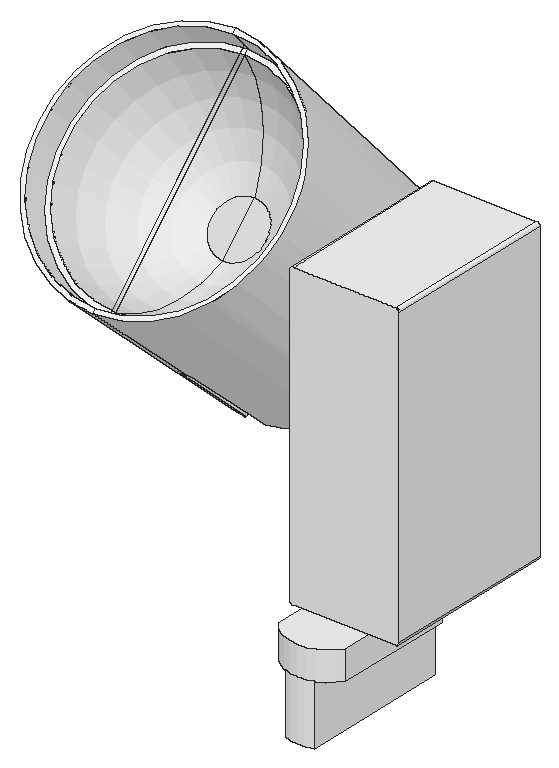
Revit family "0004930 Feilo Sylvania Lighting Fixture START TRACK SPOT L DALI 4405LM 930 WB WHT", category Lighting Fixtures, host Face, Revit 2017 (continued)
Definition of nested family "Start Track Spot Head"
  Types (96, lengths in mm): name | Wattage | built-in parameter 1150134 | Photometric Web File | Model | built-in parameter 1150105 | Lumens | built-in parameter 1150107 | built-in parameter 1150106 | HeadThickness_FEILO | HeadRibOffset_FEILO | HeadRibDepth_FEILO | HeadRibCutWidth_FEILO | HeadRibCutOffset_FEILO | HeadReflectorRadius_FEILO | HeadReflectorOffset_FEILO | HeadLEDRadius_FEILO | HeadHeight_FEILO | HeadDiffusorOffset_FEILO | HeadDiaOut_FEILO | HeadDiaIn_FEILO | HeadAxisFromTop_FEILO | Emit from Circle Diameter | built-in parameter 1150104 | Description | Apparent Load
    0004812 START TRACK SPOT S 14W 3K RA80 MB WHITE | 14 W | (empty or 0) | "0004812.ies" | "START TRACK SPOT S 14W 3K RA80 MB WHITE" | 120.32 (stored number, unit not read) | 1512 lm | 3000 (stored number, unit not read) | 1.2032 (stored number, unit not read) | 1.5 | 4.179 | 55.714 | 7.167 | 50.87 | 50.588 | 55.714 | 9.556 | 117 | 9.435 | 86 | 77.477 | 69.354 | 77.477 | 10.034 (stored number, unit not read) | "Integrated LED spotlight, Textured White - RAL9016, compact and minimalist design, ideal for retail applications, die-cast aluminium body, passive cooling heatsink. Beam angle: 36°, color temperature: 3000K , total system power: 14W, total fixture output: 1508 lm, LOR: 100%, colour rendering: Ra: 80 typical, LED Chromaticity: 3 step MacAdam ellipse, lifetime: >50000 hours at L70B50, energy class: A++, A+, A, IR/UV free light source without heat radiation, operating voltage: 220-240V / 50-60Hz, drive current: 350mA, electronic driver, non-dimmable, power factor: 0.92, electrical protection: Class II, Global Track 3 Phase adapter suitable for Global trac 3-circuit tracks, ingress protection rating: IP20, suitable for internal environment only, horizontal rotation: 355°, vertical tilt: 90°, dimensions: Ø86x140x200, weight: 0.940kg." | 14 VA
    0004811 START TRACK SPOT S 14W 3K RA80 NB WHITE | 14 W | (empty or 0) | "0004811.ies" | "START TRACK SPOT S 14W 3K RA80 NB WHITE" | 123.66 (stored number, unit not read) | 1554 lm | 3000 (stored number, unit not read) | 1.2366 (stored number, unit not read) | 1.5 | 4.179 | 55.714 | 7.167 | 50.87 | 50.588 | 55.714 | 9.556 | 117 | 9.435 | 86 | 77.477 | 69.354 | 77.477 | 10.312 (stored number, unit not read) | "Integrated LED spotlight, Textured White - RAL9016, compact and minimalist design, ideal for retail applications, die-cast aluminium body, passive cooling heatsink. Beam angle: 12°, color temperature: 3000K , total system power: 14W, total fixture output: 1551 lm, LOR: 100%, colour rendering: Ra: 80 typical, LED Chromaticity: 3 step MacAdam ellipse, lifetime: >50000 hours at L70B50, energy class: A++, A+, A, IR/UV free light source without heat radiation, operating voltage: 220-240V / 50-60Hz, drive current: 350mA, electronic driver, non-dimmable, power factor: 0.92, electrical protection: Class II, Global Track 3 Phase adapter suitable for Global trac 3-circuit tracks, ingress protection rating: IP20, suitable for internal environment only, horizontal rotation: 355°, vertical tilt: 90°, dimensions: Ø86x140x200, weight: 0.940kg." | 14 VA
  Reference planes
    plane 1 "Center (Front/Back)": y = 0
    plane 2: z = 0
    plane 3 "Center (Left/Right)": x = 0
    plane 4: x = 43
    plane 5: x = -43
    plane 6: x = -38.739
    plane 7: x = 38.739
    plane 8: z = 69.354
    plane 9: z = -47.646
    plane 10: x = -41.5
    plane 11: x = -37.239
    plane 12: z = -38.211
    plane 13: z = -35.211
    plane 14: z = 8.068
    plane 15: x = -9.556
    plane 16: x = -28.667
    plane 17: x = -19.111
    plane 18: x = -27.167
    plane 19: x = -17.611
    plane 20: x = -8.056
    plane 21: z = 13.64
    plane 22: x = -29.667
    plane 23: x = -26.167
    plane 24: x = -20.111
    plane 25: x = -16.611
    plane 26: x = -10.556
    plane 27: x = -7.056
    plane 28: x = -36.239
    plane 29: x = -40.5
    plane 30: z = 65.175
    plane 31: z = 60.997
    plane 32: z = 56.818
    plane 33: z = 18.484
    plane 34: y = -43
    plane 35: y = 43
    plane 36: y = 3.583
    plane 37: y = -3.583
    plane 38: y = -2.583
    plane 39: y = 2.583
    plane 40: y = 46
    plane 41: z = 13.5
    plane 42: z = -13.5
    plane 43: y = 39
    plane 44: x = 4.708
    plane 45: x = -2.458
    plane 46: x = -1.458
    plane 47: x = 1.458
  Forms (mm)
    Extrusion 1, solid
      sketch origin (4.2, 0, 0) x (1, 0, 0) y (0, 1, 0)
        loop
          line (-1219.2, 1219.2) -> (-1219.2, -1219.2) -> (1219.2, -1219.2) -> (1219.2, 1219.2) -> (-1219.2, 1219.2)
      from 0 to -68.017
    Revolve 2, solid, material <- "Material_1_FEILO", detail levels medium+fine
      sketch origin (0, 0, 0) x (1, 0, 0) y (0, 0, 1)
        loop
          line (-43, -47.646) -> (-41.5, -47.646) -> (-40.5, -35.211) -> (-38.739, -35.211)
          arc (-38.739, -35.211) -> (-30.16, -9.517) -> (-9.556, 8.068) r 50.588
          line (-9.556, 8.068) -> (0, 8.068) -> (0, 13.64) -> (-16.611, 13.64) -> (-17.611, 60.997) -> (-19.111, 60.997) -> (-20.111, 13.64) -> (-36.239, 13.64) -> (-37.239, 69.354) -> (-38.739, 69.354) -> (-43, -47.646)
        axis (0, 69.354) -> (0, -47.646)
      angle from 360 to 0
    Extrusion 3, void
      sketch origin (0, 0, 0) x (0, 1, 0) y (0, 0, 1)
        loop
          line (-3.583, 69.354) -> (-2.583, 18.484) -> (1.932, 18.484) -> (2.932, 69.354) -> (-3.583, 69.354)
      from 43 to -43
    Revolve 4, solid, material <- "Material_2_FEILO", detail levels medium+fine
      sketch origin (0, 0, 0) x (1, 0, 0) y (0, 0, 1)
        loop
          line (-41.5, -38.211) -> (0, -38.211) -> (0, -35.211) -> (-41.5, -35.211) -> (-41.5, -38.211)
        axis (0, -35.211) -> (0, -38.211)
      angle from 360 to 0
    Revolve 5, solid, material <- "Material_1_FEILO"
      sketch origin (0, 0, 0) x (0, 1, 0) y (0, 0, 1)
        loop
          line (46, 0) -> (39, 0) -> (39, -13.5) -> (46, -13.5) -> (46, 0)
        axis (39, 0) -> (46, 0)
      angle from 360 to 0
    Revolve 6, solid, material <- "Material_1_FEILO", detail levels medium+fine
      sketch origin (0, 0, 0) x (1, 0, 0) y (0, 0, 1)
        loop
          line (-29.667, 13.64) -> (-26.167, 13.64) -> (-27.167, 65.175) -> (-28.667, 65.175) -> (-29.667, 13.64)
        loop
          line (-10.556, 13.64) -> (-7.056, 13.64) -> (-7.833, 56.818) -> (-9.778, 56.818) -> (-10.556, 13.64)
        axis (0, 65.175) -> (0, 13.64)
      angle from 360 to 0
    Extrusion 7, void
      sketch origin (0, 0, 0) x (1, 0, 0) y (0, 0, 1)
        loop
          line (4.708, 69.354) -> (-2.458, 69.354) -> (-1.458, 13.64) -> (1.458, 13.64) -> (4.708, 69.354)
      from -43 to 43
    Revolve 8, solid, material <- "Material_1_FEILO", detail levels coarse
      sketch origin (0, 0, 0) x (1, 0, 0) y (0, 0, 1)
        loop
          line (0, 69.354) -> (-38.739, 69.354) -> (-43, -47.646) -> (-41.5, -47.646) -> (-40.731, -38.211) -> (0, -38.211) -> (0, 69.354)
        axis (0, 69.354) -> (0, -47.646)
      angle from 360 to 0
  Cuts and joins
    Extrusion 3 cuts Revolve 2
    Extrusion 7 cuts Revolve 6
  Dimensions and locks
    equal spacing: plane 7, plane 3 "Center (Left/Right)", plane 6
    equal spacing: plane 4, plane 3 "Center (Left/Right)", plane 5
    "HeadDiaOut_FEILO": plane 4 to plane 5
    "HeadDiaIn_FEILO": plane 7 to plane 6
    "HeadHeight_FEILO": plane 8 to plane 9
    "HeadThickness_FEILO": plane 10 to plane 5
    "HeadThickness_FEILO": plane 11 to plane 6
    "HeadDiffusorOffset_FEILO": plane 12 to plane 9
    "HeadDiffusorThickness_FEILO": plane 13 to plane 12
    "HeadReflectorOffset_FEILO": plane 14 to plane 9
    "HeadLEDRadius_FEILO": plane 3 "Center (Left/Right)" to plane 15
    "HeadLEDRadius_FEILO": plane 15 to plane 17
    "HeadLEDRadius_FEILO": plane 17 to plane 16
    "HeadThickness_FEILO": plane 18 to plane 16
    "HeadThickness_FEILO": plane 19 to plane 17
    "HeadThickness_FEILO": plane 20 to plane 15
    "HeadRibDepth_FEILO": plane 8 to plane 21
    "HeadDraft_FEILO": plane 16 to plane 22
    "HeadDraft_FEILO": plane 23 to plane 18
    "HeadDraft_FEILO": plane 17 to plane 24
    "HeadDraft_FEILO": plane 25 to plane 19
    "HeadDraft_FEILO": plane 15 to plane 26
    "HeadDraft_FEILO": plane 27 to plane 20
    "HeadDraft_FEILO": plane 29 to plane 10
    "HeadDraft_FEILO": plane 28 to plane 11
    "HeadRibOffset_FEILO": plane 8 to plane 30
    "HeadRibOffset_FEILO": plane 30 to plane 31
    "HeadRibOffset_FEILO": plane 31 to plane 32
    "HeadAxisFromTop_FEILO": plane 8 to plane 2
    "HeadRibCutOffset_FEILO": plane 8 to plane 33
    equal spacing: plane 34, plane 1 "Center (Front/Back)", plane 35
    "HeadDiaOut_FEILO": plane 34 to plane 35
    equal spacing: plane 38, plane 1 "Center (Front/Back)", plane 39
    equal spacing: plane 37, plane 1 "Center (Front/Back)", plane 36
    "HeadRibCutWidth_FEILO": plane 37 to plane 36
    "HeadDraft_FEILO": plane 37 to plane 38
    locked: plane 35 to plane 40 at 3
    equal spacing: plane 41, plane 2, plane 42
    locked: plane 42 to plane 41 at 27
    locked: plane 43 to plane 35 at 4
    equal spacing: plane 45, imposter light, plane 44
    "HeadDraft_FEILO": plane 46 to plane 45
    "HeadRibCutWidth_FEILO": plane 44 to plane 45
    equal spacing: plane 47, plane 3 "Center (Left/Right)", plane 46
    "HeadReflectorRadius_FEILO": radius of Revolve 2 sketch curve
    aligned and locked: plane 2 to Extrusion 1
    aligned and locked: level to Extrusion 1
    aligned and locked: Revolve 2 sketch curve to plane 3 "Center (Left/Right)"  (x2)
    aligned and locked: plane 9 to Revolve 2 sketch curve  (x2)
    aligned and locked: plane 5 to Revolve 2 sketch curve
    aligned and locked: plane 10 to Revolve 2 sketch curve
    aligned and locked: plane 14 to Revolve 2 sketch curve
    aligned and locked: plane 8 to Revolve 2 sketch curve
    aligned and locked: Revolve 2 sketch curve to plane 13
    aligned and locked: plane 12 to Revolve 4 sketch curve
    aligned and locked: plane 3 "Center (Left/Right)" to Revolve 4 sketch curve
    aligned and locked: Revolve 4 sketch curve to plane 10
    aligned and locked: Revolve 4 sketch curve to plane 3 "Center (Left/Right)"
    aligned and locked: plane 12 to imposter light
    aligned and locked: imposter light to plane 1 "Center (Front/Back)"
    aligned and locked: Revolve 5 sketch curve to plane 2
    aligned and locked: plane 43 to Revolve 5 sketch curve
    aligned and locked: plane 42 to Revolve 5 sketch curve
    aligned and locked: Revolve 6 sketch curve to plane 3 "Center (Left/Right)"
    aligned and locked: plane 22 to Revolve 6 sketch curve
    aligned and locked: plane 30 to Revolve 6 sketch curve
    aligned and locked: plane 23 to Revolve 6 sketch curve
    aligned and locked: Revolve 6 sketch curve to plane 21  (x2)
    aligned and locked: plane 21 to Revolve 6 sketch curve
    aligned and locked: plane 17 to Revolve 2 sketch curve
    aligned and locked: plane 19 to Revolve 2 sketch curve
    aligned and locked: plane 31 to Revolve 2 sketch curve
    aligned and locked: plane 21 to Revolve 2 sketch curve
    aligned and locked: Extrusion 3 to plane 8
    aligned and locked: plane 33 to Extrusion 3
    aligned and locked: plane 8 to Extrusion 3 sketch curve
    aligned and locked: Extrusion 3 sketch curve to plane 33
    aligned and locked: Extrusion 3 to plane 5
    aligned and locked: plane 4 to Extrusion 3
    aligned and locked: plane 32 to Revolve 6 sketch curve
    aligned and locked: plane 44 to Extrusion 7 sketch curve
    aligned and locked: Extrusion 7 sketch curve to plane 8
    aligned and locked: plane 46 to Extrusion 7 sketch curve
    aligned and locked: plane 21 to Extrusion 7 sketch curve
    aligned and locked: plane 34 to Extrusion 7
    aligned and locked: Extrusion 7 to plane 35
    aligned and locked: Revolve 4 sketch curve to plane 13
    aligned and locked: Revolve 5 sketch curve to plane 40
    aligned and locked: Revolve 8 sketch curve to plane 3 "Center (Left/Right)"
    aligned and locked: Revolve 8 sketch curve to cut or joined group of Revolve 2, Extrusion 3  (x3)
    aligned and locked: plane 5 to Revolve 8 sketch curve
    aligned and locked: plane 3 "Center (Left/Right)" to Revolve 8 sketch curve
    aligned and locked: plane 12 to Revolve 8 sketch curve
  Automatic sketch dimensions
    Extrusion 1 sketch curve to Extrusion 1 sketch curve = 2438.4 mm  (x2)
    Extrusion 3 sketch curve to plane 37 = 0 mm
    Extrusion 3 sketch curve to plane 38 = 0 mm
    plane 39 to Extrusion 3 sketch curve = 0.651 mm
    Extrusion 3 sketch curve to plane 39 = 0.349 mm
    Revolve 6 sketch curve to plane 16 = 0 mm
    Revolve 6 sketch curve to plane 18 = 0 mm
    Revolve 6 sketch curve to plane 26 = 0 mm
    Revolve 6 sketch curve to plane 27 = 0 mm
    Revolve 6 sketch curve to plane 15 = 0.222 mm
    plane 9 to Revolve 6 sketch curve = 559.103 mm
    Revolve 6 sketch curve to plane 8 = 2535.555 mm
    plane 20 to Revolve 6 sketch curve = 0.222 mm
    Revolve 2 sketch curve to plane 29 = 0 mm
    Revolve 2 sketch curve to plane 6 = 0 mm  (x2)
    Revolve 2 sketch curve to plane 11 = 0 mm
    Revolve 2 sketch curve to plane 21 = 0 mm
    Revolve 2 sketch curve to plane 28 = 0 mm
    Revolve 2 sketch curve to plane 24 = 0 mm
    Revolve 2 sketch curve to plane 25 = 0 mm
    Revolve 2 sketch curve to plane 15 = 0 mm
    Revolve 2 sketch curve to Revolve 2 sketch curve = 557.155 mm
    Revolve 2 sketch curve to plane 8 = 2535.558 mm
    Extrusion 7 sketch curve to plane 45 = 0 mm
    Extrusion 7 sketch curve to plane 47 = 0 mm
    plane 9 to Revolve 4 sketch curve = 559.103 mm
    Revolve 4 sketch curve to plane 8 = 2535.555 mm
    Revolve 5 sketch curve to level = 0 mm
    plane 34 to Revolve 5 sketch curve = 1968.092 mm
    Revolve 5 sketch curve to plane 40 = 1405.763 mm
    Revolve 8 sketch curve to plane 6 = 0 mm
    Revolve 8 sketch curve to plane 29 = 0.231 mm
    plane 9 to Revolve 8 sketch curve = 559.103 mm
    Revolve 8 sketch curve to Revolve 8 sketch curve = 2535.555 mm
Definition of nested family "Start Track Spot Box"
  Parameters (values of type "Type Large White")
    URL = "http://www.feilosylvania.com"
    Type Image = (empty or 0)
    Type Comments = "n/a"
    Small_FEILO = no
    Material_3_FEILO = none
    Model = ""
    Manufacturer = "Feilo Sylvania"
    Keynote = ""
    Material_2_FEILO = none
    Description = ""
    Default Elevation = 1219.2 mm
    Cost = 0
    Material_1_FEILO = none
    BoxWidth_FEILO = 49 mm
    BoxStartAngle_FEILO [instance] = 0.00°
    BoxRadius_FEILO = 1.5 mm
    BoxHeight_FEILO = if(Small_FEILO, 112 mm, 136 mm)  # 136 mm
    BoxEndAngle_FEILO [instance] = BoxStartAngle_FEILO - 180.00°  # -180.00°
    BoxDepth_FEILO = if(Small_FEILO, 71.5 mm, 79 mm)  # 79 mm
    BoxAxisVerticalOffset_FEILO = 16 mm
    BoxAxisOffset_FEILO = BoxHeight_FEILO / 6.8  # 20 mm
    Assembly Code = ""
    Material_4_FEILO = none
  Types (4, lengths in mm): name | Small_FEILO | BoxHeight_FEILO | BoxDepth_FEILO | BoxAxisOffset_FEILO
    Type Large White | no | 136 | 79 | 20
    Type Small White | yes | 112 | 71.5 | 16.471
    Type Small Black | yes | 112 | 71.5 | 16.471
    Type Large Black | no | 136 | 79 | 20
  Reference planes
    plane 1 "Center (Front/Back)": y = 0
    plane 2: z = 0
    plane 3 "Center (Left/Right)": x = 0
    plane 4: x = 24.5
    plane 5: x = -24.5
    plane 6: y = 68
    plane 7: y = -68
    plane 8: z = 39.5
    plane 9: z = -39.5
    plane 10: y = -48
    plane 11: x = 30.5
    plane 12: x = 8.5
    plane 13: x = 21.5
    plane 14: y = 70
    plane 15: y = 72
    plane 16: x = 19.5
  Forms (mm)
    Extrusion 1, solid
      sketch origin (4.2, 0, 0) x (1, 0, 0) y (0, 1, 0)
        loop
          line (-1219.2, 1219.2) -> (-1219.2, -1219.2) -> (1219.2, -1219.2) -> (1219.2, 1219.2) -> (-1219.2, 1219.2)
      from 0 to -68.017
    Extrusion 2, solid, material <- "Material_1_FEILO"
      sketch origin (0, 0, 0) x (1, 0, 0) y (0, 1, 0)
        loop
          arc (-23, 68) -> (-24.061, 67.561) -> (-24.5, 66.5) r 1.5
          line (-24.5, 66.5) -> (-24.5, -66.5)
          arc (-24.5, -66.5) -> (-24.061, -67.561) -> (-23, -68) r 1.5
          line (-23, -68) -> (23, -68)
          arc (23, -68) -> (24.061, -67.561) -> (24.5, -66.5) r 1.5
          line (24.5, -66.5) -> (24.5, 66.5)
          arc (24.5, 66.5) -> (24.061, 67.561) -> (23, 68) r 1.5
          line (23, 68) -> (-23, 68)
      from -39.5 to 39.5
    Revolve 3, solid, not visible
      sketch origin (0, 0, 0) x (1, 0, 0) y (0, 1, 0)
        loop
          line (30.5, -48) -> (24.5, -48) -> (24.5, -68) -> (30.5, -68) -> (30.5, -48)
        axis (30.5, -48) -> (24.5, -48)
      angle from 0 <- "BoxStartAngle_FEILO" to -180 <- "BoxEndAngle_FEILO"
    Revolve 4, solid, material <- "Material_2_FEILO"
      sketch origin (0, 0, 0) x (1, 0, 0) y (0, 1, 0)
        loop
          line (8.5, 68) -> (19.5, 68) -> (19.5, 70) -> (21.5, 70) -> (21.5, 72) -> (8.5, 72) -> (8.5, 68)
        axis (8.5, 72) -> (8.5, 68)
      angle from 360 to 0
  Dimensions and locks
    equal spacing: plane 5, plane 3 "Center (Left/Right)", plane 4
    "BoxWidth_FEILO": plane 5 to plane 4
    equal spacing: plane 7, plane 1 "Center (Front/Back)", plane 6
    "BoxHeight_FEILO": plane 7 to plane 6
    equal spacing: plane 8, plane 2, plane 9
    "BoxDepth_FEILO": plane 8 to plane 9
    "BoxAxisOffset_FEILO": plane 7 to plane 10
    locked: plane 4 to plane 11 at 6
    "BoxAxisVerticalOffset_FEILO": plane 12 to plane 4
    locked: plane 12 to plane 13 at 13
    plane 6 to plane 14 to plane 15 = 2 mm locked, 2 mm locked
    locked: plane 12 to plane 16 at 11
    "BoxRadius_FEILO": radius of Extrusion 2 sketch curve  (x4)
    aligned and locked: plane 2 to Extrusion 1
    aligned and locked: level to Extrusion 1
    aligned and locked: plane 6 to Extrusion 2 sketch curve
    aligned and locked: plane 5 to Extrusion 2 sketch curve
    aligned and locked: Extrusion 2 sketch curve to plane 7
    aligned and locked: Extrusion 2 sketch curve to plane 4
    aligned and locked: Extrusion 2 to plane 8
    aligned and locked: plane 9 to Extrusion 2
    aligned and locked: Revolve 3 sketch curve to plane 10  (x2)
    aligned and locked: plane 11 to Revolve 3 sketch curve
    aligned and locked: Revolve 3 sketch curve to plane 4
    aligned and locked: plane 7 to Revolve 3 sketch curve
    aligned and locked: Revolve 4 sketch curve to plane 12
    aligned and locked: plane 6 to Revolve 4 sketch curve
    aligned and locked: plane 12 to Revolve 4 sketch curve
    aligned and locked: plane 15 to Revolve 4 sketch curve
    aligned and locked: Revolve 4 sketch curve to plane 13
    aligned and locked: Revolve 4 sketch curve to plane 14
    aligned and locked: Revolve 4 sketch curve to plane 16
    aligned and locked: Revolve 4 sketch curve to plane 6
  Automatic sketch dimensions
    Extrusion 1 sketch curve to Extrusion 1 sketch curve = 2438.4 mm  (x2)
    Revolve 3 sketch curve to plane 5 = 1499.5 mm
    plane 11 to Revolve 3 sketch curve = 1493.5 mm
    plane 15 to Revolve 4 sketch curve = 0 mm
    plane 7 to Revolve 4 sketch curve = 1456 mm
    Revolve 4 sketch curve to plane 15 = 1452 mm
